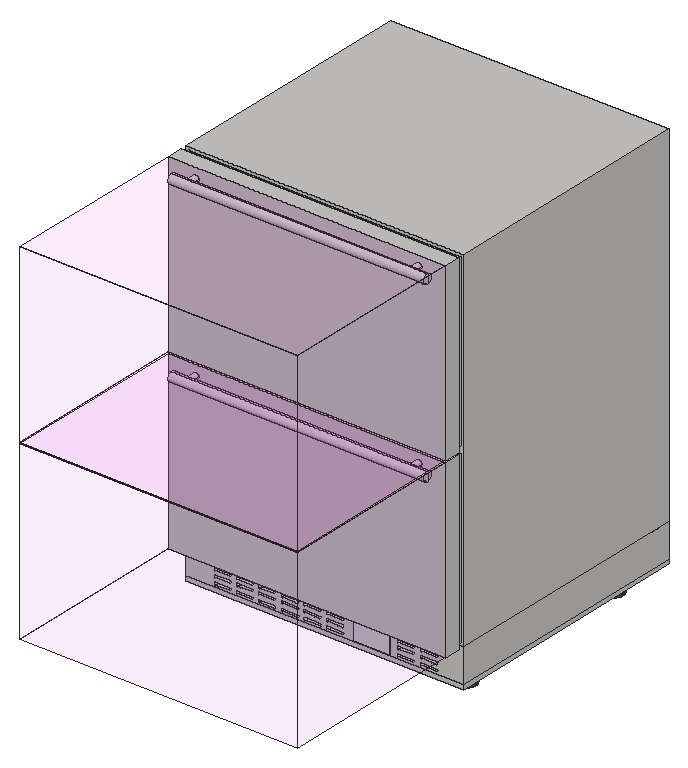
Revit family "QF_Summit_SPFF51OS2D_Two_Drawer_Outdoor_Frost_Free_All_Freezer", category Specialty Equipment, Revit 2020
Family settings
  Round Connector Dimension = Use Diameter
  Part Type = Normal
  Work Plane-Based = No
  Always vertical = Yes
  Cut with Voids When Loaded = No
  Shared = No
  Room Calculation Point = No
Parameters
  Weight in Pounds = 106
  Watts = Volts * FL Amps  # 92 W
  Volts = 115 V
  URL Cutsheet = ""
  Specification by User = ""
  Specification by Manufacturer = ""
  Show Clearance [instance] = yes
  Serial Number = ""
  Seismic Rating = ""
  SMACNA No = ""
  Revision Code = ""
  Refrigerant Volume = 0.00 kip
  Refrigerant Type = "R600a"
  Phase = 1
  Number of Poles = 1
  NAFEM Spec ID Number = ""
  Model = "SPFF51OS2D"
  Min Ckt Ampacity = 0 A
  Max Overcurrent Protection = 0 A
  Masterspec = ""
  Manufacturer = "Summit"
  Length = 23.63"
  Item Number = ""
  Installed By = ""
  Identify Quantity as Lot = yes
  Height = 34"
  HP = ""
  Furnished By = ""
  Foodservice Equipment Identifier = yes
  FL Amps = 0.8 A
  Electrical Remarks = ""
  Electric Connection Type = ""
  Elec Conn RI Height = 0"
  Elec Conn Connection Height = 0"
  Description = "Two Drawer Outdoor Frost Free All Freezer"
  Depth = 23.63"
  Default Elevation = 0"
  Cycle = 60 Hz
  Conn Plug = ""
  Conn Conduit = yes
  CSI MasterFormat = ""
  BTUH = 0.0 Btu/h
  Apparent Power = 0 VA
Reference planes (in)
  plane 1 "BACK": y = 0
  plane 2: z = 0
  plane 3 "LEFT": x = 0
  plane 4 "RIGHT": x = 23.63
  plane 5 "FRONT": y = -23.63
  plane 6 "TOP": z = 34
  plane 7 "Center Y": x = 11.815
  plane 8 "Center X": y = -11.815
Dimensions and locks (in)
  equal spacing: plane 3 "LEFT", plane 7 "Center Y", plane 4 "RIGHT"
  "Length": plane 3 "LEFT" to plane 4 "RIGHT"
  equal spacing: plane 5 "FRONT", plane 8 "Center X", plane 1 "BACK"
  "Depth": plane 5 "FRONT" to plane 1 "BACK"
  "Height": plane 6 "TOP" to level
  aligned and locked: level to plane 2
Nested families (in)
  nested 1: "SPFF51OS2D" at (0, 0, 0), Show Clearance <- "Show Clearance", type "SPFF51OS2D"
    with Show Clearance yes
Connectors (in)
  electrical at (20.63, 0.03125, 1.94095), driven by "Volts", driven by "Watts"
    settings: on nested 1, index 1, voltage 115 V, apparent load 92 VA, apparent load phase1 0 VA, apparent load phase2 0 VA, apparent load phase3 0 VA, power factor 1, load classification "Other", number of poles 1, system type 30, power factor state 1, is connector primary yes, connector utility no, sub classification motor no, connector description "ELECTRICAL CONNECTION"
Definition of nested family "SPFF51OS2D"
  Parameters (values of type "SPFF51OS2D")
    Weight in Pounds = 0
    URL Cutsheet = ""
    Specification by User = ""
    Specification by Manufacturer = ""
    Show Clearance [instance] = yes
    Serial Number = ""
    Seismic Rating = ""
    SMACNA No = ""
    Revision Code = ""
    NAFEM Spec ID Number = ""
    Masterspec = ""
    Length = 23.63"
    Item Number = ""
    Installed By = ""
    Identify Quantity as Lot = yes
    Height = 34"
    Furnished By = ""
    Foodservice Equipment Identifier = yes
    Depth = 23.63"
    Default Elevation = 0"
    CSI MasterFormat = ""
  Reference planes (in)
    plane 1 "BACK": y = 0
    plane 2: z = 0
    plane 3 "LEFT": x = 0
    plane 4 "RIGHT": x = 23.63
    plane 5 "FRONT": y = -23.63
    plane 6 "TOP": z = 34
    plane 7 "Center Y": x = 11.815
    plane 8 "Center X": y = -11.815
    plane 9: y = -39.375
    plane 10: x = 20.63
  Forms (in)
    Extrusion 1, solid
      sketch origin (-1.96308, -180, 4.11631) x (-1, 0, 0) y (0, -1, 0)
        loop
          line (-1.96308, -180) -> (-1.96308, -158.25) -> (-25.59308, -158.25) -> (-25.59308, -180) -> (-1.96308, -180)
      from 0 to 29.88369
    Extrusion 2, solid
      sketch origin (0, 0, 0) x (1, 0, 0) y (0, 0, 1)
        loop
          line (0, 1.19358) -> (0, 0.86631) -> (23.63, 0.86631) -> (23.63, 1.19358) -> (0, 1.19358)
      from 0 to 21.75
    Extrusion 3, solid
      sketch origin (0, 0, 0) x (1, 0, 0) y (0, 0, 1)
        loop
          line (0, 4.11631) -> (0, 1.19358) -> (23.63, 1.19358) -> (23.63, 4.11631) -> (0, 4.11631)
      from 0 to 21.75
    Extrusion 4, solid
      sketch origin (-0.97388, -22.30362, 48) x (-1, 0, 0) y (0, 0, 1)
        loop
          line (-0.97388, -29.00869) -> (-24.60388, -29.00869) -> (-24.60388, -43.88369) -> (-0.97388, -43.88369) -> (-0.97388, -29.00869)
        loop
          line (-0.97388, -14) -> (-24.60388, -14) -> (-24.60388, -28.875) -> (-0.97388, -28.875) -> (-0.97388, -14)
      from 0 to -1.32638
    Extrusion 5, solid
      sketch origin (-1.96308, -180, 18.74131) x (-1, 0, 0) y (0, -1, 0)
        loop
          line (-2.21308, -158.25) -> (-2.21308, -157.69638) -> (-25.34308, -157.69638) -> (-25.34308, -158.25) -> (-2.21308, -158.25)
      from 0 to -14.375
    Extrusion 6, solid
      sketch origin (-1.96308, -180, 19.375) x (0, 1, 0) y (1, 0, 0)
        loop
          line (158.25, 2.21308) -> (158.25, 25.34308) -> (157.69638, 25.34308) -> (157.69638, 2.21308) -> (158.25, 2.21308)
      from 0 to -14.375
    Extrusion 7, void
      sketch origin (-4.29298, -180, 15.66028) x (0, -1, 0) y (-1, 0, 0)
        loop
          line (-158.25, -6.79298) -> (-159.22089, -6.79298) -> (-159.22089, -7.57998) -> (-174.72089, -7.57998) -> (-174.72089, -24.82998) -> (-159.22089, -24.82998) -> (-159.22089, -25.54298) -> (-158.25, -25.54298) -> (-158.25, -6.79298)
      from 0 to 9.25
    Extrusion 8, void
      sketch origin (-5.13318, -180, 29.9846) x (0, -1, 0) y (-1, 0, 0)
        loop
          line (-158.25, -7.63318) -> (-159.22089, -7.63318) -> (-159.22089, -8.42017) -> (-174.72089, -8.42017) -> (-174.72089, -25.67017) -> (-159.22089, -25.67017) -> (-159.22089, -26.38318) -> (-158.25, -26.38318) -> (-158.25, -7.63318)
      from 0 to 10
    Extrusion 9, solid
      sketch origin (-5.76972, -25.005, 48) x (-1, 0, 0) y (0, 0, 1)
        loop
          circle (-8.11261, -29.89869) r 0.25
        loop
          circle (-27.05684, -29.89869) r 0.25
        loop
          circle (-8.11261, -14.86) r 0.25
        loop
          circle (-27.05684, -14.86) r 0.25
      from 0.2752 to 1.375
    Revolve 10, solid
      sketch origin (0.18999, -24.63, 48) x (-1, 0, 0) y (0, 0, 1)
        loop
          line (-22.65289, -14.86) -> (-0.90289, -14.86) -> (-0.90289, -14.485) -> (-22.65289, -14.485) -> (-22.65289, -14.86)
        axis (-0.90289, -14.86) -> (-22.65289, -14.86)
      angle from 0 to 360
    Revolve 11, solid
      sketch origin (1.09288, -24.63, 48) x (-1, 0, 0) y (0, 0, 1)
        loop
          line (-21.75, -29.9225) -> (0, -29.9225) -> (0, -29.5475) -> (-21.75, -29.5475) -> (-21.75, -29.9225)
        axis (0, -29.9225) -> (-21.75, -29.9225)
      angle from 0 to 360
    Extrusion 12, void
      sketch origin (0, -21.75, 0) x (-1, 0, 0) y (0, 0, 1)
        loop
          line (-2.54228, 3.74935) -> (-3.79228, 3.74935)
          arc (-3.79228, 3.74935) -> (-3.91728, 3.62435) -> (-3.79228, 3.49935) r 0.125
          line (-3.79228, 3.49935) -> (-2.54228, 3.49935)
          arc (-2.54228, 3.49935) -> (-2.41728, 3.62435) -> (-2.54228, 3.74935) r 0.125
        loop
          line (-2.54228, 3.24935) -> (-3.79228, 3.24935)
          arc (-3.79228, 3.24935) -> (-3.91728, 3.12435) -> (-3.79228, 2.99935) r 0.125
          line (-3.79228, 2.99935) -> (-2.54228, 2.99935)
          arc (-2.54228, 2.99935) -> (-2.41728, 3.12435) -> (-2.54228, 3.24935) r 0.125
        loop
          line (-2.54228, 2.72193) -> (-3.79228, 2.72193)
          arc (-3.79228, 2.72193) -> (-3.91728, 2.59693) -> (-3.79228, 2.47193) r 0.125
          line (-3.79228, 2.47193) -> (-2.54228, 2.47193)
          arc (-2.54228, 2.47193) -> (-2.41728, 2.59693) -> (-2.54228, 2.72193) r 0.125
        loop
          line (-2.54228, 2.22193) -> (-3.79228, 2.22193)
          arc (-3.79228, 2.22193) -> (-3.91728, 2.09693) -> (-3.79228, 1.97193) r 0.125
          line (-3.79228, 1.97193) -> (-2.54228, 1.97193)
          arc (-2.54228, 1.97193) -> (-2.41728, 2.09693) -> (-2.54228, 2.22193) r 0.125
        loop
          line (-2.54228, 1.64012) -> (-3.79228, 1.64012)
          arc (-3.79228, 1.64012) -> (-3.91728, 1.51512) -> (-3.79228, 1.39012) r 0.125
          line (-3.79228, 1.39012) -> (-2.54228, 1.39012)
          arc (-2.54228, 1.39012) -> (-2.41728, 1.51512) -> (-2.54228, 1.64012) r 0.125
        loop
          line (-4.41728, 3.74935) -> (-5.66728, 3.74935)
          arc (-5.66728, 3.74935) -> (-5.79228, 3.62435) -> (-5.66728, 3.49935) r 0.125
          line (-5.66728, 3.49935) -> (-4.41728, 3.49935)
          arc (-4.41728, 3.49935) -> (-4.29228, 3.62435) -> (-4.41728, 3.74935) r 0.125
        loop
          line (-4.41728, 3.24935) -> (-5.66728, 3.24935)
          arc (-5.66728, 3.24935) -> (-5.79228, 3.12435) -> (-5.66728, 2.99935) r 0.125
          line (-5.66728, 2.99935) -> (-4.41728, 2.99935)
          arc (-4.41728, 2.99935) -> (-4.29228, 3.12435) -> (-4.41728, 3.24935) r 0.125
        loop
          line (-4.41728, 2.72193) -> (-5.66728, 2.72193)
          arc (-5.66728, 2.72193) -> (-5.79228, 2.59693) -> (-5.66728, 2.47193) r 0.125
          line (-5.66728, 2.47193) -> (-4.41728, 2.47193)
          arc (-4.41728, 2.47193) -> (-4.29228, 2.59693) -> (-4.41728, 2.72193) r 0.125
        loop
          line (-4.41728, 2.22193) -> (-5.66728, 2.22193)
          arc (-5.66728, 2.22193) -> (-5.79228, 2.09693) -> (-5.66728, 1.97193) r 0.125
          line (-5.66728, 1.97193) -> (-4.41728, 1.97193)
          arc (-4.41728, 1.97193) -> (-4.29228, 2.09693) -> (-4.41728, 2.22193) r 0.125
        loop
          line (-4.41728, 1.64012) -> (-5.66728, 1.64012)
          arc (-5.66728, 1.64012) -> (-5.79228, 1.51512) -> (-5.66728, 1.39012) r 0.125
          line (-5.66728, 1.39012) -> (-4.41728, 1.39012)
          arc (-4.41728, 1.39012) -> (-4.29228, 1.51512) -> (-4.41728, 1.64012) r 0.125
        loop
          line (-6.29228, 3.74935) -> (-7.54228, 3.74935)
          arc (-7.54228, 3.74935) -> (-7.66728, 3.62435) -> (-7.54228, 3.49935) r 0.125
          line (-7.54228, 3.49935) -> (-6.29228, 3.49935)
          arc (-6.29228, 3.49935) -> (-6.16728, 3.62435) -> (-6.29228, 3.74935) r 0.125
        loop
          line (-6.29228, 3.24935) -> (-7.54228, 3.24935)
          arc (-7.54228, 3.24935) -> (-7.66728, 3.12435) -> (-7.54228, 2.99935) r 0.125
          line (-7.54228, 2.99935) -> (-6.29228, 2.99935)
          arc (-6.29228, 2.99935) -> (-6.16728, 3.12435) -> (-6.29228, 3.24935) r 0.125
        loop
          line (-6.29228, 2.72193) -> (-7.54228, 2.72193)
          arc (-7.54228, 2.72193) -> (-7.66728, 2.59693) -> (-7.54228, 2.47193) r 0.125
          line (-7.54228, 2.47193) -> (-6.29228, 2.47193)
          arc (-6.29228, 2.47193) -> (-6.16728, 2.59693) -> (-6.29228, 2.72193) r 0.125
        loop
          line (-6.29228, 2.22193) -> (-7.54228, 2.22193)
          arc (-7.54228, 2.22193) -> (-7.66728, 2.09693) -> (-7.54228, 1.97193) r 0.125
          line (-7.54228, 1.97193) -> (-6.29228, 1.97193)
          arc (-6.29228, 1.97193) -> (-6.16728, 2.09693) -> (-6.29228, 2.22193) r 0.125
        loop
          line (-6.29228, 1.64012) -> (-7.54228, 1.64012)
          arc (-7.54228, 1.64012) -> (-7.66728, 1.51512) -> (-7.54228, 1.39012) r 0.125
          line (-7.54228, 1.39012) -> (-6.29228, 1.39012)
          arc (-6.29228, 1.39012) -> (-6.16728, 1.51512) -> (-6.29228, 1.64012) r 0.125
        loop
          line (-8.29228, 3.74935) -> (-9.54228, 3.74935)
          arc (-9.54228, 3.74935) -> (-9.66728, 3.62435) -> (-9.54228, 3.49935) r 0.125
          line (-9.54228, 3.49935) -> (-8.29228, 3.49935)
          arc (-8.29228, 3.49935) -> (-8.16728, 3.62435) -> (-8.29228, 3.74935) r 0.125
        loop
          line (-8.29228, 3.24935) -> (-9.54228, 3.24935)
          arc (-9.54228, 3.24935) -> (-9.66728, 3.12435) -> (-9.54228, 2.99935) r 0.125
          line (-9.54228, 2.99935) -> (-8.29228, 2.99935)
          arc (-8.29228, 2.99935) -> (-8.16728, 3.12435) -> (-8.29228, 3.24935) r 0.125
        loop
          line (-8.29228, 2.72193) -> (-9.54228, 2.72193)
          arc (-9.54228, 2.72193) -> (-9.66728, 2.59693) -> (-9.54228, 2.47193) r 0.125
          line (-9.54228, 2.47193) -> (-8.29228, 2.47193)
          arc (-8.29228, 2.47193) -> (-8.16728, 2.59693) -> (-8.29228, 2.72193) r 0.125
        loop
          line (-8.29228, 2.22193) -> (-9.54228, 2.22193)
          arc (-9.54228, 2.22193) -> (-9.66728, 2.09693) -> (-9.54228, 1.97193) r 0.125
          line (-9.54228, 1.97193) -> (-8.29228, 1.97193)
          arc (-8.29228, 1.97193) -> (-8.16728, 2.09693) -> (-8.29228, 2.22193) r 0.125
        loop
          line (-8.29228, 1.64012) -> (-9.54228, 1.64012)
          arc (-9.54228, 1.64012) -> (-9.66728, 1.51512) -> (-9.54228, 1.39012) r 0.125
          line (-9.54228, 1.39012) -> (-8.29228, 1.39012)
          arc (-8.29228, 1.39012) -> (-8.16728, 1.51512) -> (-8.29228, 1.64012) r 0.125
        loop
          line (-10.16728, 3.74935) -> (-11.41728, 3.74935)
          arc (-11.41728, 3.74935) -> (-11.54228, 3.62435) -> (-11.41728, 3.49935) r 0.125
          line (-11.41728, 3.49935) -> (-10.16728, 3.49935)
          arc (-10.16728, 3.49935) -> (-10.04228, 3.62435) -> (-10.16728, 3.74935) r 0.125
        loop
          line (-10.16728, 3.24935) -> (-11.41728, 3.24935)
          arc (-11.41728, 3.24935) -> (-11.54228, 3.12435) -> (-11.41728, 2.99935) r 0.125
          line (-11.41728, 2.99935) -> (-10.16728, 2.99935)
          arc (-10.16728, 2.99935) -> (-10.04228, 3.12435) -> (-10.16728, 3.24935) r 0.125
        loop
          line (-10.16728, 2.72193) -> (-11.41728, 2.72193)
          arc (-11.41728, 2.72193) -> (-11.54228, 2.59693) -> (-11.41728, 2.47193) r 0.125
          line (-11.41728, 2.47193) -> (-10.16728, 2.47193)
          arc (-10.16728, 2.47193) -> (-10.04228, 2.59693) -> (-10.16728, 2.72193) r 0.125
        loop
          line (-10.16728, 2.22193) -> (-11.41728, 2.22193)
          arc (-11.41728, 2.22193) -> (-11.54228, 2.09693) -> (-11.41728, 1.97193) r 0.125
          line (-11.41728, 1.97193) -> (-10.16728, 1.97193)
          arc (-10.16728, 1.97193) -> (-10.04228, 2.09693) -> (-10.16728, 2.22193) r 0.125
        loop
          line (-10.16728, 1.64012) -> (-11.41728, 1.64012)
          arc (-11.41728, 1.64012) -> (-11.54228, 1.51512) -> (-11.41728, 1.39012) r 0.125
          line (-11.41728, 1.39012) -> (-10.16728, 1.39012)
          arc (-10.16728, 1.39012) -> (-10.04228, 1.51512) -> (-10.16728, 1.64012) r 0.125
        loop
          line (-12.10478, 3.74935) -> (-13.35478, 3.74935)
          arc (-13.35478, 3.74935) -> (-13.47978, 3.62435) -> (-13.35478, 3.49935) r 0.125
          line (-13.35478, 3.49935) -> (-12.10478, 3.49935)
          arc (-12.10478, 3.49935) -> (-11.97978, 3.62435) -> (-12.10478, 3.74935) r 0.125
        loop
          line (-12.10478, 3.24935) -> (-13.35478, 3.24935)
          arc (-13.35478, 3.24935) -> (-13.47978, 3.12435) -> (-13.35478, 2.99935) r 0.125
          line (-13.35478, 2.99935) -> (-12.10478, 2.99935)
          arc (-12.10478, 2.99935) -> (-11.97978, 3.12435) -> (-12.10478, 3.24935) r 0.125
        loop
          line (-12.10478, 2.72193) -> (-13.35478, 2.72193)
          arc (-13.35478, 2.72193) -> (-13.47978, 2.59693) -> (-13.35478, 2.47193) r 0.125
          line (-13.35478, 2.47193) -> (-12.10478, 2.47193)
          arc (-12.10478, 2.47193) -> (-11.97978, 2.59693) -> (-12.10478, 2.72193) r 0.125
        loop
          line (-12.10478, 2.22193) -> (-13.35478, 2.22193)
          arc (-13.35478, 2.22193) -> (-13.47978, 2.09693) -> (-13.35478, 1.97193) r 0.125
          line (-13.35478, 1.97193) -> (-12.10478, 1.97193)
          arc (-12.10478, 1.97193) -> (-11.97978, 2.09693) -> (-12.10478, 2.22193) r 0.125
        loop
          line (-12.10478, 1.64012) -> (-13.35478, 1.64012)
          arc (-13.35478, 1.64012) -> (-13.47978, 1.51512) -> (-13.35478, 1.39012) r 0.125
          line (-13.35478, 1.39012) -> (-12.10478, 1.39012)
          arc (-12.10478, 1.39012) -> (-11.97978, 1.51512) -> (-12.10478, 1.64012) r 0.125
        loop
          line (-18.10478, 3.74935) -> (-19.35478, 3.74935)
          arc (-19.35478, 3.74935) -> (-19.47978, 3.62435) -> (-19.35478, 3.49935) r 0.125
          line (-19.35478, 3.49935) -> (-18.10478, 3.49935)
          arc (-18.10478, 3.49935) -> (-17.97978, 3.62435) -> (-18.10478, 3.74935) r 0.125
        loop
          line (-18.10478, 3.24935) -> (-19.35478, 3.24935)
          arc (-19.35478, 3.24935) -> (-19.47978, 3.12435) -> (-19.35478, 2.99935) r 0.125
          line (-19.35478, 2.99935) -> (-18.10478, 2.99935)
          arc (-18.10478, 2.99935) -> (-17.97978, 3.12435) -> (-18.10478, 3.24935) r 0.125
        loop
          line (-18.10478, 2.72193) -> (-19.35478, 2.72193)
          arc (-19.35478, 2.72193) -> (-19.47978, 2.59693) -> (-19.35478, 2.47193) r 0.125
          line (-19.35478, 2.47193) -> (-18.10478, 2.47193)
          arc (-18.10478, 2.47193) -> (-17.97978, 2.59693) -> (-18.10478, 2.72193) r 0.125
        loop
          line (-18.10478, 2.22193) -> (-19.35478, 2.22193)
          arc (-19.35478, 2.22193) -> (-19.47978, 2.09693) -> (-19.35478, 1.97193) r 0.125
          line (-19.35478, 1.97193) -> (-18.10478, 1.97193)
          arc (-18.10478, 1.97193) -> (-17.97978, 2.09693) -> (-18.10478, 2.22193) r 0.125
        loop
          line (-18.10478, 1.64012) -> (-19.35478, 1.64012)
          arc (-19.35478, 1.64012) -> (-19.47978, 1.51512) -> (-19.35478, 1.39012) r 0.125
          line (-19.35478, 1.39012) -> (-18.10478, 1.39012)
          arc (-18.10478, 1.39012) -> (-17.97978, 1.51512) -> (-18.10478, 1.64012) r 0.125
        loop
          line (-20.10478, 3.74935) -> (-21.35478, 3.74935)
          arc (-21.35478, 3.74935) -> (-21.47978, 3.62435) -> (-21.35478, 3.49935) r 0.125
          line (-21.35478, 3.49935) -> (-20.10478, 3.49935)
          arc (-20.10478, 3.49935) -> (-19.97978, 3.62435) -> (-20.10478, 3.74935) r 0.125
        loop
          line (-20.10478, 3.24935) -> (-21.35478, 3.24935)
          arc (-21.35478, 3.24935) -> (-21.47978, 3.12435) -> (-21.35478, 2.99935) r 0.125
          line (-21.35478, 2.99935) -> (-20.10478, 2.99935)
          arc (-20.10478, 2.99935) -> (-19.97978, 3.12435) -> (-20.10478, 3.24935) r 0.125
        loop
          line (-20.10478, 2.72193) -> (-21.35478, 2.72193)
          arc (-21.35478, 2.72193) -> (-21.47978, 2.59693) -> (-21.35478, 2.47193) r 0.125
          line (-21.35478, 2.47193) -> (-20.10478, 2.47193)
          arc (-20.10478, 2.47193) -> (-19.97978, 2.59693) -> (-20.10478, 2.72193) r 0.125
        loop
          line (-20.10478, 2.22193) -> (-21.35478, 2.22193)
          arc (-21.35478, 2.22193) -> (-21.47978, 2.09693) -> (-21.35478, 1.97193) r 0.125
          line (-21.35478, 1.97193) -> (-20.10478, 1.97193)
          arc (-20.10478, 1.97193) -> (-19.97978, 2.09693) -> (-20.10478, 2.22193) r 0.125
        loop
          line (-20.10478, 1.64012) -> (-21.35478, 1.64012)
          arc (-21.35478, 1.64012) -> (-21.47978, 1.51512) -> (-21.35478, 1.39012) r 0.125
          line (-21.35478, 1.39012) -> (-20.10478, 1.39012)
          arc (-20.10478, 1.39012) -> (-19.97978, 1.51512) -> (-20.10478, 1.64012) r 0.125
      from 0 to 0.57558
    Extrusion 13, solid
      sketch origin (0, -21.75, 0) x (1, 0, 0) y (0, 0, 1)
        loop
          line (14.26734, 2.78501) -> (14.26734, 1.28501) -> (17.33266, 1.28501) -> (17.33266, 2.78501) -> (14.26734, 2.78501)
      from 0 to 0.03125
    Extrusion 14, solid, visible <- "Show Clearance"
      sketch origin (0, -22.30362, 34) x (1, 0, 0) y (0, 1, 0)
        loop
          line (0, -1.32638) -> (0, -17.07138) -> (23.63, -17.07138) -> (23.63, -1.32638) -> (0, -1.32638)
      from 0 to -14.875
    Extrusion 15, solid, visible <- "Show Clearance"
      sketch origin (0, -22.30362, 4.11631) x (0, -1, 0) y (-1, 0, 0)
        loop
          line (1.32638, 0) -> (1.32638, -23.63) -> (17.07138, -23.63) -> (17.07138, 0) -> (1.32638, 0)
      from 0 to -14.875
    Extrusion 16, solid
      sketch origin (0, 0, 0) x (1, 0, 0) y (0, 0, 1)
        loop
          circle (20.63, 1.94095) r 0.25
      from 0 to -0.03125
    Revolve 17, solid
      sketch origin (0, -4, 0) x (1, 0, 0) y (0, 0, 1)
        loop
          line (1.64062, 0.86631) -> (1.64062, 0) -> (2.46691, 0) -> (2.46691, 0.60973) -> (1.96691, 0.60973) -> (1.96691, 0.86631) -> (1.64062, 0.86631)
        axis (1.64062, 0) -> (1.64062, 0.86631)
      angle from 0 to 360
    Revolve 18, solid
      sketch origin (23.78625, -4, 0) x (-1, 0, 0) y (0, 0, 1)
        loop
          line (1.64062, 0.86631) -> (1.64062, 0) -> (2.46691, 0) -> (2.46691, 0.60973) -> (1.96691, 0.60973) -> (1.96691, 0.86631) -> (1.64062, 0.86631)
        axis (1.64062, 0) -> (1.64062, 0.86631)
      angle from 0 to 360
    Revolve 19, solid
      sketch origin (0, -19.63, 0) x (1, 0, 0) y (0, 0, -1)
        loop
          line (1.64062, -0.86631) -> (1.96691, -0.86631) -> (1.96691, -0.60973) -> (2.46691, -0.60973) -> (2.46691, 0) -> (1.64062, 0) -> (1.64062, -0.86631)
        axis (1.64062, 0) -> (1.64062, -0.86631)
      angle from 0 to 360
    Revolve 20, solid
      sketch origin (23.78625, -19.63, 0) x (-1, 0, 0) y (0, 0, 1)
        loop
          line (1.64062, 0.86631) -> (1.64062, 0) -> (2.46691, 0) -> (2.46691, 0.60973) -> (1.96691, 0.60973) -> (1.96691, 0.86631) -> (1.64062, 0.86631)
        axis (1.64062, 0) -> (1.64062, 0.86631)
      angle from 0 to 360
  Cuts and joins
    Extrusion 7, Extrusion 8 cuts Extrusion 1
    Extrusion 7 cuts Extrusion 2
    Extrusion 7, Extrusion 12 cuts Extrusion 3
    Extrusion 7, Extrusion 8 cuts Extrusion 5
    joined: Extrusion 9, Revolve 10, Revolve 11
  Lines and regions (in)
    Split face 1
      outline origin (0, -21.78125, 0) x (1, 0, 0) y (0, 0, 1)
        loop
          line (14.98684, 2.36604) -> (14.98684, 1.61604) -> (16.61317, 1.61604) -> (16.61317, 2.36604) -> (14.98684, 2.36604)
    Split face 2
      outline origin (0, -21.78125, 0) x (1, 0, 0) y (0, 0, 1)
        loop
          line (14.45376, 2.51878) -> (14.45376, 2.13681) -> (14.8709, 2.13681) -> (14.8709, 2.51878) -> (14.45376, 2.51878)
    Split face 3
      outline origin (0, -21.78125, 0) x (1, 0, 0) y (0, 0, 1)
        loop
          line (14.45376, 1.86039) -> (14.45376, 1.50355) -> (14.8709, 1.50355) -> (14.8709, 1.86039) -> (14.45376, 1.86039)
    Split face 4
      outline origin (0, -21.78125, 0) x (1, 0, 0) y (0, 0, 1)
        loop
          line (16.7291, 2.51878) -> (16.7291, 2.13681) -> (17.14625, 2.13681) -> (17.14625, 2.51878) -> (16.7291, 2.51878)
    Split face 5
      outline origin (0, -21.78125, 0) x (1, 0, 0) y (0, 0, 1)
        loop
          line (16.7291, 1.86039) -> (16.7291, 1.50355) -> (17.14625, 1.50355) -> (17.14625, 1.86039) -> (16.7291, 1.86039)
    symbolic lines
      curve 1: line (1.09288, -24.25576, 0) -> (1.09288, -25.005, 0)
      curve 2: line (1.09288, -25.005, 0) -> (22.84288, -25.005, 0)
      curve 3: line (22.84288, -25.005, 0) -> (22.84288, -24.255, 0)
      curve 4: line (21.03712, -24.25576, 0) -> (2.59288, -24.25576, 0)
      curve 5: line (2.59288, -24.25576, 0) -> (2.09288, -24.25576, 0)
      curve 6: line (2.09288, -24.25576, 0) -> (1.09288, -24.25576, 0)
      curve 7: line (21.53712, -24.255, 0) -> (22.84288, -24.255, 0)
      curve 8: line (21.53712, -24.25576, 0) -> (21.03712, -24.25576, 0)
      curve 9: line (21.03712, -24.25576, 0) -> (21.03712, -23.63, 0)
      curve 10: line (21.53712, -24.255, 0) -> (21.53712, -23.63, 0)
      curve 11: line (2.59288, -24.25576, 0) -> (2.59288, -23.63, 0)
      curve 12: line (2.09288, -24.25576, 0) -> (2.09288, -23.63, 0)
      curve 13: line (23.63, -23.63, 0) -> (0, -23.63, 0)
      curve 14: line (23.63, -22.30362, 0) -> (0, -22.30362, 0)
      curve 15: line (0, -22.30362, 0) -> (0, -23.63, 0)
      curve 16: line (23.63, -23.63, 0) -> (23.63, -22.30362, 0)
      curve 17: line (0.25, -22.30362, 0) -> (0.25, -21.75, 0)
      curve 18: line (23.38, -22.30362, 0) -> (23.38, -21.75, 0)
      curve 19: line (0, -21.75, 0) -> (23.63, -21.75, 0)
      curve 20: line (23.63, -21.75, 0) -> (23.63, 0, 0)
      curve 21: line (23.63, 0, 0) -> (0, 0, 0)
      curve 22: line (0, 0, 0) -> (0, -21.75, 0)
    symbolic lines, visible <- "Show Clearance"
      curve 23: line (0, -23.63, 0) -> (0, -39.375, 0)
      curve 24: line (0, -39.375, 0) -> (23.63, -39.375, 0)
      curve 25: line (23.63, -39.375, 0) -> (23.63, -23.63, 0)
  Dimensions and locks (in)
    equal spacing: plane 3 "LEFT", plane 7 "Center Y", plane 4 "RIGHT"
    "Length": plane 3 "LEFT" to plane 4 "RIGHT"
    equal spacing: plane 5 "FRONT", plane 8 "Center X", plane 1 "BACK"
    "Depth": plane 5 "FRONT" to plane 1 "BACK"
    "Height": plane 6 "TOP" to level
    plane 1 "BACK" to plane 9 = 39 3/8"
    aligned and locked: level to plane 2
  Automatic sketch dimensions
    curve 13 to plane 3 "LEFT" = 0"
    curve 22 to plane 3 "LEFT" = 0"
    plane 5 "FRONT" to curve 12 = 0"
    plane 1 "BACK" to curve 21 = 0"
    curve 21 to plane 4 "RIGHT" = 0"
    curve 13 to plane 4 "RIGHT" = 0"
    curve 23 to plane 9 = 0"
    plane 3 "LEFT" to curve 1 = 1.09288"
    curve 1 to curve 6 = 1"
    curve 5 to curve 4 = 1/2"
    curve 9 to plane 10 = 0.40712"
    curve 4 to curve 10 = 1/2"
    plane 4 "RIGHT" to curve 3 = 0.78712"
    plane 5 "FRONT" to curve 3 = 1 3/8"
    plane 5 "FRONT" to curve 5 = 0.62576"
    curve 8 to curve 10 = 0.00076"
    curve 13 to curve 15 = 1.32638"
    curve 14 to curve 19 = 0.55362"
    plane 3 "LEFT" to curve 17 = 1/4"
    curve 8 to curve 7 = 0"
    plane 4 "RIGHT" to curve 18 = 1/4"
    plane 1 "BACK" to Extrusion 1 sketch curve = 0"
    Extrusion 1 sketch curve to plane 4 "RIGHT" = 0"
    Extrusion 1 sketch curve to plane 3 "LEFT" = 0"
    Extrusion 1 sketch curve to plane 5 "FRONT" = 1.88"
    Extrusion 2 sketch curve to plane 3 "LEFT" = 0"
    plane 4 "RIGHT" to Extrusion 2 sketch curve = 0"
    level to Extrusion 2 sketch curve = 0.86631"
    Extrusion 2 sketch curve to Extrusion 2 sketch curve = 0.32727"
    Extrusion 3 sketch curve to plane 3 "LEFT" = 0"
    plane 4 "RIGHT" to Extrusion 3 sketch curve = 0"
    level to Extrusion 3 sketch curve = 1.19358"
    Extrusion 3 sketch curve to Extrusion 3 sketch curve = 2.92273"
    plane 4 "RIGHT" to Extrusion 4 sketch curve = 0"  (x2)
    Extrusion 4 sketch curve to plane 3 "LEFT" = 0"  (x2)
    Extrusion 4 sketch curve to plane 6 "TOP" = 0"
    Extrusion 4 sketch curve to plane 6 "TOP" = 14 7/8"
    Extrusion 4 sketch curve to Extrusion 4 sketch curve = 0.13369"
    level to Extrusion 4 sketch curve = 4.11631"
    plane 4 "RIGHT" to Extrusion 5 sketch curve = 1/4"
    plane 3 "LEFT" to Extrusion 5 sketch curve = 1/4"
    Extrusion 5 sketch curve to plane 5 "FRONT" = 1.88"
    Extrusion 5 sketch curve to Extrusion 5 sketch curve = 0.55362"
    plane 3 "LEFT" to Extrusion 6 sketch curve = 1/4"
    Extrusion 6 sketch curve to plane 5 "FRONT" = 1.32638"
    plane 4 "RIGHT" to Extrusion 6 sketch curve = 1/4"
    Extrusion 6 sketch curve to Extrusion 6 sketch curve = 0.55362"
    plane 10 to Extrusion 7 sketch curve = 0.09301"
    Extrusion 7 sketch curve to plane 5 "FRONT" = 2.85089"  (x2)
    Extrusion 7 sketch curve to Extrusion 7 sketch curve = 0.97089"
    plane 3 "LEFT" to Extrusion 7 sketch curve = 3.28699"
    Extrusion 7 sketch curve to Extrusion 7 sketch curve = 0.78699"
    Extrusion 7 sketch curve to plane 10 = 0.62"
    plane 10 to Extrusion 8 sketch curve = 0.09301"
    Extrusion 8 sketch curve to plane 5 "FRONT" = 2.85089"  (x2)
    Extrusion 8 sketch curve to Extrusion 8 sketch curve = 0.97089"
    plane 3 "LEFT" to Extrusion 8 sketch curve = 3.28699"
    Extrusion 8 sketch curve to Extrusion 8 sketch curve = 0.78699"
    Extrusion 8 sketch curve to plane 10 = 0.62"
    Extrusion 9 sketch curve to plane 10 = 0.65712"  (x2)
    Extrusion 9 sketch curve to plane 6 "TOP" = 0.86"  (x2)
    plane 3 "LEFT" to Extrusion 9 sketch curve = 2.34288"  (x2)
    Extrusion 9 sketch curve to Extrusion 9 sketch curve = 15.03869"  (x2)
    plane 4 "RIGHT" to Revolve 10 sketch curve = 0.78712"
    plane 3 "LEFT" to Revolve 10 sketch curve = 1.09288"
    Revolve 10 sketch curve to plane 6 "TOP" = 0.86"
    Revolve 10 sketch curve to Revolve 10 sketch curve = 3/8"
    Revolve 10 sketch curve to Revolve 10 sketch curve = 1"
    Revolve 10 sketch curve to Revolve 10 sketch curve = 0"  (x2)
    plane 4 "RIGHT" to Revolve 11 sketch curve = 0.78712"
    plane 3 "LEFT" to Revolve 11 sketch curve = 1.09288"
    Revolve 11 sketch curve to plane 6 "TOP" = 15.9225"
    Revolve 11 sketch curve to Revolve 11 sketch curve = 3/8"
    Revolve 11 sketch curve to Revolve 11 sketch curve = 1"
    Revolve 11 sketch curve to Revolve 11 sketch curve = 0"  (x2)
    Extrusion 3 to Extrusion 12 sketch curve = 0.32154"  (x6)
    Extrusion 3 to Extrusion 12 sketch curve = 2.27522"
    Extrusion 3 to Extrusion 12 sketch curve = 0.61696"  (x2)
    Extrusion 12 sketch curve to Extrusion 12 sketch curve = 0"  (x58)
    Extrusion 12 sketch curve to Extrusion 12 sketch curve = 1 1/4"  (x8)
    Extrusion 12 sketch curve to Extrusion 12 sketch curve = 3/4"  (x4)
    Extrusion 12 sketch curve to Extrusion 12 sketch curve = 4 3/4"
    Extrusion 12 sketch curve to Extrusion 12 sketch curve = 11/16"  (x2)
    Extrusion 12 sketch curve to Extrusion 12 sketch curve = 5/8"  (x6)
    Extrusion 3 to Extrusion 12 sketch curve = 0.36696"  (x3)
    Extrusion 12 sketch curve to Extrusion 12 sketch curve = 1/8"  (x37)
    Extrusion 3 to Extrusion 12 sketch curve = 0.19654"  (x2)
    Extrusion 12 sketch curve to Extrusion 12 sketch curve = 0.33181"  (x8)
    Extrusion 12 sketch curve to Extrusion 12 sketch curve = 1/4"  (x14)
    Extrusion 12 sketch curve to Extrusion 12 sketch curve = 0.27742"  (x8)
    Extrusion 13 sketch curve to Extrusion 3 = 0.09143"
    Extrusion 13 sketch curve to Extrusion 3 = 9.36266"
    Extrusion 13 sketch curve to Extrusion 13 sketch curve = 3.06532"
    Extrusion 13 sketch curve to Extrusion 3 = 1.3313"
    Split face 1 sketch curve to Extrusion 13 = 0.33103"
    Split face 1 sketch curve to Extrusion 13 = 0.71949"  (x2)
    Split face 1 sketch curve to Extrusion 13 = 0.41897"
    Split face 2 sketch curve to Extrusion 13 = 0.18641"
    Split face 2 sketch curve to Split face 2 sketch curve = 0.41715"
    Split face 2 sketch curve to Extrusion 13 = 0.6482"
    Split face 2 sketch curve to Extrusion 13 = 0.26623"
    Split face 3 sketch curve to Extrusion 13 = 0.18641"
    Split face 3 sketch curve to Split face 3 sketch curve = 0.41715"
    Split face 3 sketch curve to Extrusion 13 = 0.21854"
    Split face 3 sketch curve to Split face 3 sketch curve = 0.35684"
    Split face 4 sketch curve to Extrusion 13 = 0.26623"
    Split face 4 sketch curve to Extrusion 13 = 0.60356"
    Split face 4 sketch curve to Extrusion 13 = 0.18641"
    Split face 4 sketch curve to Split face 4 sketch curve = 0.38197"
    Split face 5 sketch curve to Extrusion 13 = 0.60356"
    Split face 5 sketch curve to Extrusion 13 = 0.18641"
    Split face 5 sketch curve to Extrusion 13 = 0.21854"
    Split face 5 sketch curve to Split face 5 sketch curve = 0.35684"
    Extrusion 14 sketch curve to Extrusion 4 = 0"  (x3)
    Extrusion 14 sketch curve to Extrusion 4 = 15.745"
    Extrusion 15 sketch curve to plane 4 "RIGHT" = 0"
    plane 5 "FRONT" to Extrusion 15 sketch curve = 0"
    Extrusion 15 sketch curve to plane 3 "LEFT" = 0"
    Extrusion 15 sketch curve to plane 9 = 0"
    plane 10 to Extrusion 16 sketch curve = 0"
    level to Extrusion 16 sketch curve = 1.94095"
    Revolve 17 sketch curve to level = 0"  (x2)
    plane 3 "LEFT" to Revolve 17 sketch curve = 1 41/64"
    Revolve 17 sketch curve to Revolve 17 sketch curve = 0.32629"
    Revolve 17 sketch curve to Revolve 17 sketch curve = 1/2"
    level to Revolve 17 sketch curve = 0.60973"
    Revolve 17 sketch curve to Revolve 17 sketch curve = 0.25658"
    Revolve 17 sketch curve to Revolve 17 sketch curve = 0"
    Revolve 17 sketch curve to Revolve 17 sketch curve = 1/4"
    Revolve 18 sketch curve to level = 0"  (x2)
    Revolve 18 sketch curve to plane 4 "RIGHT" = 1 31/64"
    Revolve 18 sketch curve to Revolve 18 sketch curve = 0.32629"
    plane 10 to Revolve 18 sketch curve = 0.68934"
    Revolve 18 sketch curve to level = 0.60973"
    Revolve 18 sketch curve to Revolve 18 sketch curve = 0.25658"
    Revolve 18 sketch curve to Revolve 18 sketch curve = 0"
    Revolve 18 sketch curve to Revolve 18 sketch curve = 1/4"
    Revolve 19 sketch curve to level = 0"  (x2)
    plane 3 "LEFT" to Revolve 19 sketch curve = 1 41/64"
    Revolve 19 sketch curve to Revolve 19 sketch curve = 0.32629"
    Revolve 19 sketch curve to Revolve 19 sketch curve = 1/2"
    level to Revolve 19 sketch curve = 0.60973"
    Revolve 19 sketch curve to Revolve 19 sketch curve = 0.25658"
    Revolve 19 sketch curve to Revolve 19 sketch curve = 0"
    level to Revolve 19 sketch curve = 1/4"
    Revolve 20 sketch curve to level = 0"  (x2)
    plane 4 "RIGHT" to Revolve 20 sketch curve = 1 31/64"
    Revolve 20 sketch curve to Revolve 20 sketch curve = 0.32629"
    Revolve 20 sketch curve to plane 10 = 0.68934"
    level to Revolve 20 sketch curve = 0.60973"
    Revolve 20 sketch curve to Revolve 20 sketch curve = 0.25658"
    Revolve 20 sketch curve to Revolve 20 sketch curve = 0"
    Revolve 20 sketch curve to Revolve 20 sketch curve = 1/4"
    plane 1 "BACK" to Extrusion 7 sketch curve = 5.27911"
    plane 1 "BACK" to Extrusion 8 sketch curve = 5.27911"
    radius of Extrusion 9 sketch curve = 1/4"  (x4)
    radius of Extrusion 16 sketch curve = 1/4"
